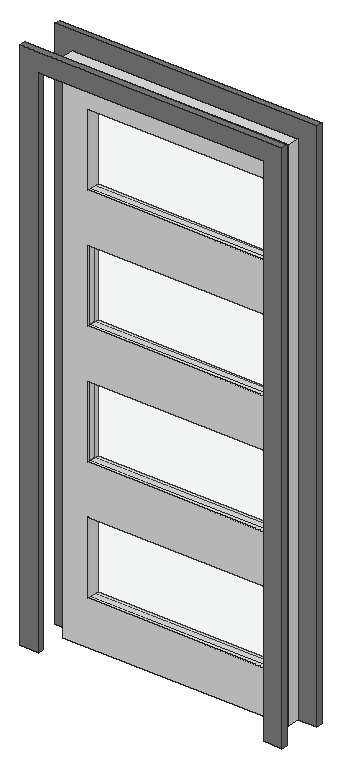
Revit family "Single-Glass 3", category Doors, host Wall, Revit 2021
Family settings
  Host = Wall
  OmniClass Number = 23.30.10.00
  OmniClass Title = Doors
  Always vertical = Yes
  Cut with Voids When Loaded = No
  Shared = No
  Room Calculation Point = No
Parameters (values of type "0915 x 2134mm")
  Visual Light Transmittance = 0
  Thickness = 51.00 mm
  Thermal Resistance (R) = 0.2701 (m²·K)/W
  Solar Heat Gain Coefficient = 0
  Define Thermal Properties by = Schematic Type
  Construction Type Id = "MDOOR"
  Heat Transfer Coefficient (U) = 3.7021 W/(m²·K)
  Function = Interior
  Door Material = Render Material 255-255-255
  Frame Material = Default
  Height = 2134.00 mm
  Rail Width - Base = 250.00 mm
  Rail Width - Center = 200.00 mm
  Rail Width - Top = 175.00 mm
  Stile Width = 100.00 mm
  Trim Projection Ext = 25.00 mm
  Trim Projection Int = 25.00 mm
  Trim Width = 76.00 mm
  Wall Closure = By host
  Width = 925.00 mm
  Analytic Construction = "Metal"
Types (7, lengths in mm): name | Visual Light Transmittance | Thermal Resistance (R) | Solar Heat Gain Coefficient | Construction Type Id | Heat Transfer Coefficient (U) | Door Material | Frame Material | Height | Width | Analytic Construction
  0915 x 2134mm | 0 | 0.2701 (m²·K)/W | 0 | "MDOOR" | 3.7021 W/(m²·K) | Render Material 255-255-255 | Default | 2134.00 | 925.00 | "Metal"
  0864 x 2134mm | 0.9 | 0.0000 (m²·K)/W | 0.86 | "SGL" | 5.5617 W/(m²·K) | Door - Panel | Door - Frame | 2134.00 | 864.00 | "Large single-glazed windows"
  0813 x 2134mm | 0.9 | 0.0000 (m²·K)/W | 0.86 | "SGL" | 5.5617 W/(m²·K) | Door - Panel | Door - Frame | 2134.00 | 813.00 | "Large single-glazed windows"
  0762 x 2134mm | 0.9 | 0.0000 (m²·K)/W | 0.86 | "SGL" | 5.5617 W/(m²·K) | Door - Panel | Door - Frame | 2134.00 | 762.00 | "Large single-glazed windows"
  0762 x 2032mm | 0.9 | 0.0000 (m²·K)/W | 0.86 | "SGL" | 5.5617 W/(m²·K) | Door - Panel | Door - Frame | 2032.00 | 762.00 | "Large single-glazed windows"
  0915 x 2032mm | 0.9 | 0.0000 (m²·K)/W | 0.86 | "SGL" | 5.5617 W/(m²·K) | Door - Panel | Door - Frame | 2032.00 | 915.00 | "Large single-glazed windows"
  0864 x 2032mm | 0.9 | 0.0000 (m²·K)/W | 0.86 | "SGL" | 5.5617 W/(m²·K) | Door - Panel | Door - Frame | 2032.00 | 864.00 | "Large single-glazed windows"
Reference planes
  plane 1: y = 0
  plane 2: z = 0
  plane 3: x = 0
  plane 4: x = -462.5
  plane 5: x = 462.5
  plane 6: z = 2134
  plane 7: x = -362.5
  plane 8: x = 362.5
  plane 9: z = 1959
  plane 10: z = 863.6
  plane 11: z = 250
  plane 12: x = -38.1
  plane 13: x = 38.1
  plane 14: z = 1063.6
Forms (mm)
  Extrusion 1, solid, material "Render Material 255-255-255" <- "Door Material"
    sketch origin (-0.124, -219.075, 3.25) x (1, 0, 0) y (0, 0, 1)
      loop
        line (-362.376, 1977.345) -> (-362.376, 1677.345) -> (363.173, 1677.345) -> (363.173, 1977.345) -> (-362.376, 1977.345)
      loop
        line (-462.5, 2132.141) -> (-462.5, -3.25) -> (462.5, -3.25) -> (462.5, 2132.141) -> (-462.5, 2132.141)
      loop
        line (-362.376, 1477.345) -> (-362.376, 1177.345) -> (363.173, 1177.345) -> (363.173, 1477.345) -> (-362.376, 1477.345)
      loop
        line (-362.376, 977.345) -> (-362.376, 677.345) -> (363.173, 677.345) -> (363.173, 977.345) -> (-362.376, 977.345)
      loop
        line (-362.376, 477.345) -> (-362.376, 177.345) -> (363.173, 177.345) -> (363.173, 477.345) -> (-362.376, 477.345)
    from -295.28 to -244.28
  Extrusion 2, solid, material "Glass"
    sketch origin (1.317, 76.205, 1.515) x (1, 0, 0) y (0, 0, 1)
      loop
        line (-363.817, 1979.08) -> (-363.817, 1679.08) -> (361.183, 1679.08) -> (361.183, 1979.08) -> (-363.817, 1979.08)
      loop
        line (-363.268, 1479.08) -> (-363.268, 1179.08) -> (361.183, 1179.08) -> (361.183, 1479.08) -> (-363.268, 1479.08)
      loop
        line (-363.817, 479.08) -> (-363.817, 179.08) -> (361.183, 179.08) -> (361.183, 479.08) -> (-363.817, 479.08)
      loop
        line (-363.268, 979.08) -> (-363.268, 679.08) -> (361.183, 679.08) -> (361.183, 979.08) -> (-363.268, 979.08)
    from 12.7 to 38.1
  Extrusion 3, solid, material "Default" <- "Frame Material"
    sketch origin (-1524, -76.195, 0) x (1, 0, 0) y (0, 0, 1)
      loop
        line (985.5, 2210) -> (985.5, 1.391) -> (1061.376, 1.391) -> (1061.376, 2134) -> (1986.5, 2134) -> (1986.5, 0) -> (2062.5, 0) -> (2062.5, 2210) -> (985.5, 2210)
    from 0 to 25
  Extrusion 4, solid, material "Default" <- "Frame Material"
    sketch origin (-1524, 76.205, 0) x (-1, 0, 0) y (0, 0, 1)
      loop
        line (-2062.5, 2210) -> (-2062.5, 0) -> (-1986.376, 0) -> (-1986.376, 2135.391) -> (-1061.376, 2135.391) -> (-1061.376, 0) -> (-985.5, 0) -> (-985.5, 2210) -> (-2062.5, 2210)
    from 0 to 25
Lines and regions (mm)
  Opening 1
    outline origin (-1524, -76.195, 3657.6) x (0, 0, -1) y (1, 0, 0)
      loop
        line (1523.6, 1061.376) -> (3657.6, 1061.376) -> (3657.6, 1986.376) -> (1523.6, 1986.376) -> (1523.6, 1061.376)
  symbolic lines, style "DoorsPanelProjection"
    curve 1: line (462.5, 76.205, 0) -> (411.5, 76.205, 0)
    curve 2: line (462.5, 76.205, 0) -> (462.5, 1001.21, 0)
    curve 3: line (462.5, 1001.21, 0) -> (411.5, 1001.21, 0)
    curve 4: line (411.5, 76.205, 0) -> (411.5, 1001.21, 0)
  model lines, style "DoorsFrameMullionProjection"
    curve 5: line (-538.5, -76.195, 0) -> (-538.5, -76.195, 2210)
    curve 6: line (-538.5, -76.195, 2210) -> (538.5, -76.195, 2210)
    curve 7: line (538.5, -76.195, 2210) -> (538.5, -76.195, 0)
    curve 8: line (538.5, 76.205, 0) -> (538.5, 76.205, 2210)
    curve 9: line (-538.5, 76.205, 2210) -> (538.5, 76.205, 2210)
    curve 10: line (-538.5, 76.205, 2210) -> (-538.5, 76.205, 0)
  symbolic lines, style "Plan Swing"
    curve 11: arc (411.5, 1001.21, 0) -> (-210.36, 712.989, 0) -> (-463.91, 76.205, 0) r 926.41
  symbolic lines, style "Elevation Swing"
    curve 12: line (-462.624, 0, 2134) -> (462.376, 0, 1067)
    curve 13: line (462.376, 0, 1067) -> (-462.624, 0, 1.391)
Dimensions and locks
  equal spacing: plane 4, plane 3, plane 5
  "Width": plane 4 to plane 5
  locked: host wall to curve 1
  "Height": plane 6 to plane 2
  "Trim Width": plane 4 to curve 5
  "Trim Width": plane 5 to curve 7
  "Trim Width": plane 6 to curve 6
  locked: curve 9 to host wall
  "Thickness": Extrusion 1 to Extrusion 1  (x2)
  "Stile Width": plane 4 to plane 7
  plane 13 to plane 12 = 76.20 mm
  "Stile Width": plane 8 to plane 5
  Extrusion 1 to Extrusion 2 to Extrusion 2 = 12.70 mm, 25.40 mm
  "Rail Width - Top": plane 9 to plane 6
  "Rail Width - Base": host wall to plane 11
  "Rail Width - Center": plane 10 to plane 14
  "Thickness": curve 4 to plane 5
  "Trim Projection Ext": Extrusion 4 to host wall
  "Trim Projection Int": Extrusion 3 to host wall
  equal spacing: plane 6, curve 13, level
  aligned and locked: plane 2 to curve 5
  aligned and locked: curve 7 to level
  aligned and locked: host wall to Extrusion 1
  aligned and locked: curve 6 to Extrusion 3 sketch curve
  aligned and locked: curve 5 to Extrusion 3 sketch curve
  aligned and locked: Extrusion 3 sketch curve to curve 7
  aligned and locked: Extrusion 4 sketch curve to curve 6
  aligned and locked: Extrusion 4 sketch curve to curve 5
  aligned and locked: Extrusion 4 sketch curve to curve 7
Automatic sketch dimensions
  Extrusion 2 sketch curve to plane 7 = 0.00 mm  (x2)
  Extrusion 2 sketch curve to plane 14 = 616.995 mm
  Extrusion 2 sketch curve to plane 14 = 116.995 mm
  Extrusion 2 sketch curve to plane 10 = 116.995 mm
  Extrusion 2 sketch curve to plane 8 = 0.00 mm  (x2)
  plane 12 to Extrusion 2 sketch curve = 400.60 mm  (x2)
  plane 9 to Extrusion 2 sketch curve = 478.405 mm
  Extrusion 2 sketch curve to plane 13 = 400.051 mm  (x2)
  plane 11 to Extrusion 2 sketch curve = 69.405 mm
  Extrusion 2 sketch curve to plane 11 = 430.595 mm
  plane 10 to Extrusion 2 sketch curve = 383.005 mm
  Extrusion 2 sketch curve to plane 9 = 21.595 mm
  Opening 1 sketch curve to plane 6 = 0.00 mm
  Opening 1 sketch curve to level = 0.00 mm
  plane 4 to Opening 1 sketch curve = 0.124 mm
  plane 5 to Opening 1 sketch curve = 0.124 mm
  Extrusion 3 sketch curve to plane 6 = 0.00 mm
  Extrusion 3 sketch curve to level = 0.00 mm
  Extrusion 3 sketch curve to plane 5 = 0.00 mm
  plane 4 to Extrusion 3 sketch curve = 0.124 mm
  level to Extrusion 3 sketch curve = 1.391 mm
  Extrusion 4 sketch curve to level = 0.00 mm  (x2)
  plane 5 to Extrusion 4 sketch curve = 0.124 mm
  plane 4 to Extrusion 4 sketch curve = 0.124 mm
  Extrusion 4 sketch curve to plane 6 = 1.391 mm
  curve 1 to plane 5 = 0.00 mm
  curve 11 to plane 5 = 0.00 mm
  plane 4 to curve 11 = 1.41 mm
  curve 11 to host wall = 0.00 mm
  curve 12 to plane 6 = 0.00 mm
  curve 8 to level = 0.00 mm
  curve 10 to level = 0.00 mm
  curve 9 to curve 5 = 0.00 mm
  plane 5 to curve 13 = 0.124 mm
  plane 4 to curve 13 = 0.124 mm
  level to curve 13 = 1.391 mm
  curve 10 to curve 5 = 0.00 mm
  plane 4 to curve 12 = 0.124 mm
  curve 8 to curve 6 = 0.00 mm
  plane 7 to Extrusion 1 sketch curve = 0.00 mm  (x4)
  plane 4 to Extrusion 1 sketch curve = 0.124 mm
  Extrusion 1 sketch curve to plane 8 = 0.549 mm  (x4)
  plane 5 to Extrusion 1 sketch curve = 0.124 mm
  level to Extrusion 1 sketch curve = 0.00 mm
  plane 11 to Extrusion 1 sketch curve = 69.405 mm
  Extrusion 1 sketch curve to plane 11 = 230.595 mm
  Extrusion 1 sketch curve to Extrusion 1 sketch curve = 200.00 mm  (x2)
  Extrusion 1 sketch curve to plane 10 = 116.995 mm
  Extrusion 1 sketch curve to plane 14 = 116.995 mm
  Extrusion 1 sketch curve to Extrusion 1 sketch curve = 300.00 mm
  Extrusion 1 sketch curve to plane 9 = 21.595 mm
  Extrusion 1 sketch curve to plane 6 = 1.391 mm
